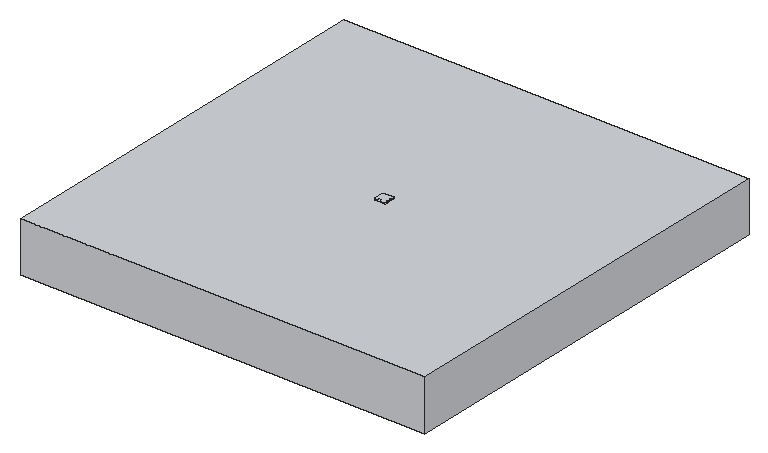
Revit family "Gira_200800", category Allgemeines Modell, Revit 2017
Family settings
  Basisbauteil = Fläche
  Kann Basisbauteil für Bewehrung sein = Nein
  Bemaßung runder Anschluss = Durchmesser verwenden
  Teiletyp = Normal
  Beim Laden mit Abzugskörper schneiden = Nein
  Gemeinsam genutzt = Nein
  Raumberechnungspunkt = Nein
Parameters
  Default Elevation = 1219.2 mm
  URL = "https://www.gira.de/"
  Typname = "Busankoppler 3 KNX Einsatz"
  Produktseite = "http://katalog.gira.de/de_DE/datenblatt.html?artikelnr=200800"
  Montageart = "Unterputz"
  Hersteller = "Gira"
  HAN = "200800"
  GTIN = "4010337082187"
  Funk bidirektional = no
  Datenblatt = "https://katalog.gira.de/de_DE/download.html?artikelnr=200800"
  Bussystem Powernet = no
  Bussystem LON = no
  Bussystem KNX-Funk = no
  Bussystem KNX = yes
  Bussystem Funkbus = no
  Beschreibung = "Einsatz KNX Busankoppler 3   Merkmale: - Der Busankoppler 3 stellt die Verbindung zwischen dem KNX System und einem KNX Anwendungsmodul her. - Die Kombination aus dem Busankoppler 3 und einem Anwendungsmodul ergibt eine funktionale Einheit. - Im ETS-Projekt wird diese Einheit in Form des Applikationsprogramms des Anwendungsmoduls projektiert."
  Befestigungsart = "Krallen-/Schraubbefestigung"
  BIM = "https://media.stage.bim.site/public/gira/876eb45/Einsatz_1fach.rfa"
  Andere Bussysteme = "ohne"
Reference planes
  plane 1 "Center (Front/Back)": y = 0
  plane 2: z = 0
  plane 3 "Center (Left/Right)": x = 0
Forms (mm)
  Extrusion 1, solid
    sketch origin (0, 0, 0) x (1, 0, 0) y (0, 1, 0)
      loop
        line (-1219.2, 1219.2) -> (-1219.2, -1219.2) -> (1219.2, -1219.2) -> (1219.2, 1219.2) -> (-1219.2, 1219.2)
    from 0 to -304.8
  Extrusion 2, solid, detail levels fine
    sketch origin (0, 0, 0) x (1, 0, 0) y (0, 1, 0)
      loop
        line (27.475, 35.475) -> (-27.475, 35.475)
        arc (-27.475, 35.475) -> (-33.132, 33.132) -> (-35.475, 27.475) r 8
        line (-35.475, 27.475) -> (-35.475, -27.475)
        arc (-35.475, -27.475) -> (-33.132, -33.132) -> (-27.475, -35.475) r 8
        line (-27.475, -35.475) -> (27.475, -35.475)
        arc (27.475, -35.475) -> (33.132, -33.132) -> (35.475, -27.475) r 8
        line (35.475, -27.475) -> (35.475, 27.475)
        arc (35.475, 27.475) -> (33.132, 33.132) -> (27.475, 35.475) r 8
    from 0 to 1.8
  Extrusion 3, solid, detail levels fine
    sketch origin (0, 0, 0) x (1, 0, 0) y (0, 1, 0)
      loop
        line (9.678, 25.4) -> (-9.678, 25.4)
        arc (-9.678, 25.4) -> (-12.885, 24.922) -> (-15.814, 23.53) r 11
        arc (-15.814, 23.53) -> (-17.795, 22.07) -> (-19.641, 20.444) r 28.35
        arc (-19.641, 20.444) -> (-21.339, 18.665) -> (-22.876, 16.745) r 28.35
        arc (-22.876, 16.745) -> (-24.456, 13.666) -> (-25, 10.248) r 11
        line (-25, 10.248) -> (-25, -10.248)
        arc (-25, -10.248) -> (-24.456, -13.666) -> (-22.876, -16.745) r 11
        arc (-22.876, -16.745) -> (-20.409, -19.677) -> (-17.569, -22.25) r 28.35
        line (-17.569, -22.25) -> (17.569, -22.25)
        arc (17.569, -22.25) -> (20.409, -19.677) -> (22.876, -16.745) r 28.35
        arc (22.876, -16.745) -> (24.456, -13.666) -> (25, -10.248) r 11
        line (25, -10.248) -> (25, 10.248)
        arc (25, 10.248) -> (24.456, 13.666) -> (22.876, 16.745) r 11
        arc (22.876, 16.745) -> (21.593, 18.37) -> (20.195, 19.897) r 28.35
        arc (20.195, 19.897) -> (18.096, 21.823) -> (15.814, 23.53) r 28.35
        arc (15.814, 23.53) -> (12.885, 24.922) -> (9.678, 25.4) r 11
    from 0 to -22
  Extrusion 4, solid, detail levels medium
    sketch origin (0, 0, 0) x (1, 0, 0) y (0, 1, 0)
      loop
        line (-25, 25.4) -> (-25, -22.25) -> (25, -22.25) -> (25, 25.4) -> (-25, 25.4)
    from 0 to -22
  Extrusion 5, solid, detail levels coarse
    sketch origin (0, 0, 0) x (1, 0, 0) y (0, 1, 0)
      loop
        line (35.475, 35.475) -> (-35.475, 35.475) -> (-35.475, -35.475) -> (35.475, -35.475) -> (35.475, 35.475)
    from -22 to 1.8
  Extrusion 6, solid, detail levels medium
    sketch origin (0, 0, 0) x (1, 0, 0) y (0, 1, 0)
      loop
        line (35.475, 35.475) -> (-35.475, 35.475) -> (-35.475, -35.475) -> (35.475, -35.475) -> (35.475, 35.475)
    from 0 to 1.8
Dimensions and locks
  aligned and locked: plane 2 to Extrusion 1
  aligned and locked: level to Extrusion 1
Connectors
  electrical at (0, 0, -22)
    settings: on Extrusion 5, index 1, voltage 220 V, apparent load 0 VA, apparent load phase1 0 VA, apparent load phase2 0 VA, apparent load phase3 0 VA, power factor 1, load classification "Other", number of poles 1, system type 30, power factor state 1, is connector primary yes, connector utility no, sub classification motor no, connector description ""
